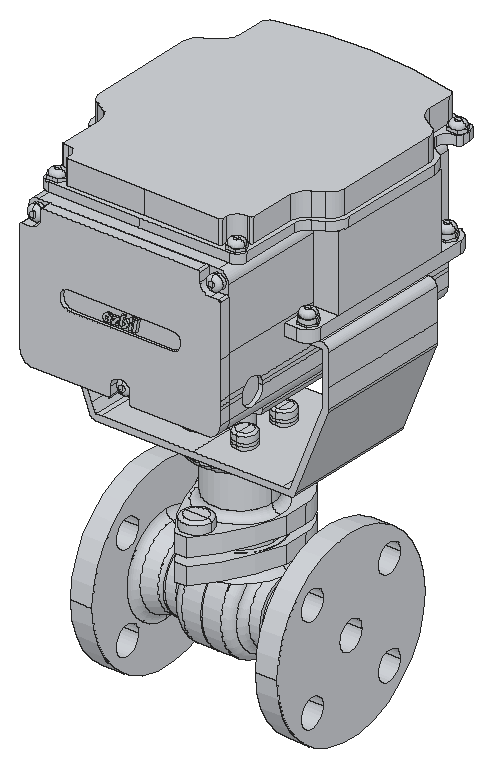
Revit family "電動二方弁_ver2021(ロゴあり)", category 電気設備, Revit 2021 (continued)
Automatic sketch dimensions
  Revolve 33 sketch curve to Revolve 33 sketch curve = 0.448 mm
  Revolve 33 sketch curve to Revolve 33 sketch curve = 0 mm  (x3)
  Revolve 34 sketch curve to plane 1 "中心(正面/背面)" = 6.975 mm
  Revolve 34 sketch curve to Revolve 34 sketch curve = 5.525 mm
  level to Revolve 34 sketch curve = 125.7 mm
  Revolve 34 sketch curve to Revolve 34 sketch curve = 1.6 mm
  Revolve 34 sketch curve to Revolve 34 sketch curve = 3.2 mm
  Revolve 34 sketch curve to Revolve 34 sketch curve = 0 mm  (x3)
  Revolve 35 sketch curve to plane 3 "中心(左/右)" = 0 mm  (x2)
  Revolve 35 sketch curve to plane 3 "中心(左/右)" = 4.75 mm
  level to Revolve 35 sketch curve = 137.956 mm
  Revolve 35 sketch curve to Revolve 35 sketch curve = 1.544 mm
  Revolve 35 sketch curve to Revolve 35 sketch curve = 0 mm  (x2)
  Revolve 36 sketch curve to plane 3 "中心(左/右)" = 0 mm  (x2)
  Revolve 36 sketch curve to Revolve 36 sketch curve = 10.268 mm
  Revolve 36 sketch curve to Revolve 36 sketch curve = 8.578 mm
  Revolve 36 sketch curve to Revolve 36 sketch curve = 1.153 mm
  Revolve 36 sketch curve to Revolve 36 sketch curve = 6.678 mm
  Revolve 36 sketch curve to Revolve 36 sketch curve = 2.476 mm
  level to Revolve 36 sketch curve = 65.495 mm
  Revolve 36 sketch curve to Revolve 36 sketch curve = 2.236 mm
  Revolve 36 sketch curve to Revolve 36 sketch curve = 3.62 mm
  Revolve 36 sketch curve to Revolve 36 sketch curve = 4.769 mm
  Revolve 36 sketch curve to Revolve 36 sketch curve = 3.897 mm
  Revolve 36 sketch curve to Revolve 36 sketch curve = 0 mm  (x2)
  Extrusion 37 sketch curve to plane 3 "中心(左/右)" = 47 mm
  Extrusion 37 sketch curve to Extrusion 37 sketch curve = 2.5 mm
  Extrusion 37 sketch curve to Extrusion 37 sketch curve = 3 mm
  Extrusion 37 sketch curve to Extrusion 37 sketch curve = 1.558 mm
  plane 3 "中心(左/右)" to Extrusion 37 sketch curve = 44 mm
  Extrusion 37 sketch curve to Extrusion 37 sketch curve = 0.5 mm
  Extrusion 37 sketch curve to Extrusion 37 sketch curve = 0.525 mm
  Extrusion 37 sketch curve to Extrusion 37 sketch curve = 2.475 mm
  level to Extrusion 37 sketch curve = 164.5 mm
  Extrusion 37 sketch curve to Extrusion 37 sketch curve = 1.5 mm
  Extrusion 37 sketch curve to Extrusion 37 sketch curve = 1.652 mm
  Extrusion 37 sketch curve to Extrusion 37 sketch curve = 1.962 mm
  Revolve 38 sketch curve to plane 3 "中心(左/右)" = 0 mm  (x2)
  Revolve 38 sketch curve to plane 3 "中心(左/右)" = 5.688 mm
  Revolve 38 sketch curve to Revolve 38 sketch curve = 1.896 mm
  level to Revolve 38 sketch curve = 90.3 mm
  Revolve 38 sketch curve to Revolve 38 sketch curve = 3.216 mm
  Revolve 38 sketch curve to Revolve 38 sketch curve = 1.117 mm
  Revolve 38 sketch curve to Revolve 38 sketch curve = 0 mm  (x2)
  Revolve 39 sketch curve to plane 3 "中心(左/右)" = 0 mm  (x2)
  Revolve 39 sketch curve to plane 3 "中心(左/右)" = 16.5 mm
  Revolve 39 sketch curve to Revolve 39 sketch curve = 2 mm  (x2)
  Revolve 39 sketch curve to Revolve 39 sketch curve = 4 mm  (x2)
  level to Revolve 39 sketch curve = 90.3 mm
  Revolve 39 sketch curve to Revolve 39 sketch curve = 19 mm
  Revolve 39 sketch curve to Revolve 39 sketch curve = 0 mm  (x4)
  Revolve 40 sketch curve to plane 3 "中心(左/右)" = 0 mm  (x2)
  Revolve 40 sketch curve to plane 3 "中心(左/右)" = 4 mm
  level to Revolve 40 sketch curve = 77 mm
  Revolve 40 sketch curve to Revolve 40 sketch curve = 4.3 mm
  Revolve 40 sketch curve to Revolve 40 sketch curve = 1.5 mm
  Revolve 40 sketch curve to Revolve 40 sketch curve = 0 mm
  plane 3 "中心(左/右)" to Extrusion 41 sketch curve = 51.5 mm
  Extrusion 41 sketch curve to Extrusion 41 sketch curve = 5.8 mm
  Extrusion 41 sketch curve to Extrusion 41 sketch curve = 6 mm
  Extrusion 41 sketch curve to Extrusion 41 sketch curve = 6.5 mm
  Extrusion 41 sketch curve to Extrusion 41 sketch curve = 0.5 mm
  Extrusion 41 sketch curve to Extrusion 41 sketch curve = 3.7 mm
  Extrusion 41 sketch curve to Extrusion 41 sketch curve = 7 mm
  plane 1 "中心(正面/背面)" to Extrusion 41 sketch curve = 36.395 mm
  Extrusion 41 sketch curve to plane 1 "中心(正面/背面)" = 60.605 mm
  Extrusion 41 sketch curve to Extrusion 41 sketch curve = 0.7 mm
  Extrusion 41 sketch curve to Extrusion 41 sketch curve = 7.785 mm
  Extrusion 41 sketch curve to Extrusion 41 sketch curve = 2.098 mm
  Extrusion 41 sketch curve to Extrusion 41 sketch curve = 0 mm
  Extrusion 41 sketch curve to Extrusion 41 sketch curve = 1.226 mm
  Extrusion 42 sketch curve to plane 3 "中心(左/右)" = 51.5 mm
  Extrusion 42 sketch curve to Extrusion 42 sketch curve = 5.8 mm
  Extrusion 42 sketch curve to Extrusion 42 sketch curve = 6 mm
  Extrusion 42 sketch curve to Extrusion 42 sketch curve = 6.5 mm
  Extrusion 42 sketch curve to Extrusion 42 sketch curve = 0.5 mm
  Extrusion 42 sketch curve to Extrusion 42 sketch curve = 3.7 mm
  Extrusion 42 sketch curve to Extrusion 42 sketch curve = 7 mm
  Extrusion 42 sketch curve to plane 1 "中心(正面/背面)" = 69.302 mm
  Extrusion 42 sketch curve to Extrusion 42 sketch curve = 0.212 mm
  Extrusion 42 sketch curve to Extrusion 42 sketch curve = 7.997 mm
  Extrusion 42 sketch curve to Extrusion 42 sketch curve = 0.7 mm
  plane 1 "中心(正面/背面)" to Extrusion 42 sketch curve = 29.395 mm
  Extrusion 42 sketch curve to Extrusion 42 sketch curve = 0 mm
  Extrusion 42 sketch curve to Extrusion 42 sketch curve = 1.226 mm
  Extrusion 43 sketch curve to plane 3 "中心(左/右)" = 64.592 mm
  Extrusion 43 sketch curve to Extrusion 43 sketch curve = 3.729 mm
  Extrusion 43 sketch curve to Extrusion 43 sketch curve = 1.085 mm  (x2)
  Extrusion 43 sketch curve to Extrusion 43 sketch curve = 2.797 mm  (x4)
  Extrusion 43 sketch curve to Extrusion 43 sketch curve = 7.85 mm
  Extrusion 43 sketch curve to Extrusion 43 sketch curve = 2.643 mm
  Extrusion 43 sketch curve to level = 130.361 mm
  Extrusion 43 sketch curve to Extrusion 43 sketch curve = 1.447 mm
  Extrusion 44 sketch curve to plane 3 "中心(左/右)" = 28.5 mm
  plane 3 "中心(左/右)" to Extrusion 44 sketch curve = 28.5 mm
  level to Extrusion 44 sketch curve = 161 mm
  Extrusion 44 sketch curve to Extrusion 44 sketch curve = 0.788 mm
  Revolve 45 sketch curve to plane 3 "中心(左/右)" = 60.5 mm
  Revolve 45 sketch curve to Revolve 45 sketch curve = 2.25 mm
  level to Revolve 45 sketch curve = 197.236 mm
  Revolve 45 sketch curve to Revolve 45 sketch curve = 2.264 mm
  Revolve 45 sketch curve to Revolve 45 sketch curve = 0 mm
  Revolve 45 sketch curve to Revolve 45 sketch curve = 0.936 mm
  Revolve 45 sketch curve to Revolve 45 sketch curve = 1.8 mm
  Revolve 46 sketch curve to plane 3 "中心(左/右)" = 60.5 mm
  Revolve 46 sketch curve to Revolve 46 sketch curve = 2.25 mm
  level to Revolve 46 sketch curve = 197.236 mm
  Revolve 46 sketch curve to Revolve 46 sketch curve = 2.264 mm
  Revolve 46 sketch curve to Revolve 46 sketch curve = 0 mm
  Revolve 46 sketch curve to Revolve 46 sketch curve = 0.936 mm
  Revolve 46 sketch curve to Revolve 46 sketch curve = 1.8 mm
  plane 3 "中心(左/右)" to Revolve 47 sketch curve = 56.375 mm
  Revolve 47 sketch curve to Revolve 47 sketch curve = 2.25 mm
  level to Revolve 47 sketch curve = 197.236 mm
  Revolve 47 sketch curve to Revolve 47 sketch curve = 2.264 mm
  Revolve 47 sketch curve to Revolve 47 sketch curve = 0 mm
  Revolve 47 sketch curve to Revolve 47 sketch curve = 0.936 mm
  Revolve 47 sketch curve to Revolve 47 sketch curve = 1.8 mm
  plane 3 "中心(左/右)" to Revolve 48 sketch curve = 56.375 mm
  Revolve 48 sketch curve to Revolve 48 sketch curve = 2.25 mm
  level to Revolve 48 sketch curve = 197.236 mm
  Revolve 48 sketch curve to Revolve 48 sketch curve = 2.264 mm
  Revolve 48 sketch curve to Revolve 48 sketch curve = 0 mm
  Revolve 48 sketch curve to Revolve 48 sketch curve = 0.936 mm
  Revolve 48 sketch curve to Revolve 48 sketch curve = 1.8 mm
  Extrusion 49 sketch curve to plane 1 "中心(正面/背面)" = 25.952 mm
  Extrusion 49 sketch curve to plane 3 "中心(左/右)" = 74.125 mm
  Extrusion 49 sketch curve to plane 1 "中心(正面/背面)" = 13.532 mm  (x2)
  Extrusion 49 sketch curve to plane 3 "中心(左/右)" = 23 mm
  Extrusion 49 sketch curve to plane 3 "中心(左/右)" = 6.954 mm
  Extrusion 49 sketch curve to plane 3 "中心(左/右)" = 3.046 mm
  Extrusion 49 sketch curve to plane 3 "中心(左/右)" = 1.923 mm
  plane 3 "中心(左/右)" to Extrusion 49 sketch curve = 1.923 mm
  plane 3 "中心(左/右)" to Extrusion 49 sketch curve = 3.046 mm
  plane 3 "中心(左/右)" to Extrusion 49 sketch curve = 6.954 mm
  Extrusion 49 sketch curve to Extrusion 49 sketch curve = 51.125 mm
  Extrusion 49 sketch curve to plane 1 "中心(正面/背面)" = 1.214 mm  (x2)
  Revolve 50 sketch curve to plane 3 "中心(左/右)" = 0 mm  (x2)
  Revolve 50 sketch curve to plane 3 "中心(左/右)" = 23 mm
  Revolve 50 sketch curve to Revolve 50 sketch curve = 2 mm  (x2)
  level to Revolve 50 sketch curve = 115.3 mm
  Revolve 50 sketch curve to Revolve 50 sketch curve = 5.2 mm
  Revolve 50 sketch curve to Revolve 50 sketch curve = 0.2 mm
  Extrusion 51 sketch curve to plane 1 "中心(正面/背面)" = 25.952 mm
  Extrusion 51 sketch curve to plane 3 "中心(左/右)" = 74.125 mm
  Extrusion 51 sketch curve to plane 1 "中心(正面/背面)" = 13.532 mm  (x2)
  Extrusion 51 sketch curve to plane 3 "中心(左/右)" = 23 mm
  Extrusion 51 sketch curve to plane 3 "中心(左/右)" = 6.954 mm
  Extrusion 51 sketch curve to plane 3 "中心(左/右)" = 3.046 mm
  Extrusion 51 sketch curve to plane 3 "中心(左/右)" = 1.923 mm
  plane 3 "中心(左/右)" to Extrusion 51 sketch curve = 1.923 mm
  plane 3 "中心(左/右)" to Extrusion 51 sketch curve = 3.046 mm
  plane 3 "中心(左/右)" to Extrusion 51 sketch curve = 6.954 mm
  Extrusion 51 sketch curve to Extrusion 51 sketch curve = 51.125 mm
  Extrusion 51 sketch curve to plane 1 "中心(正面/背面)" = 1.214 mm  (x2)
  Revolve 52 sketch curve to plane 3 "中心(左/右)" = 0 mm  (x2)
  Revolve 52 sketch curve to plane 3 "中心(左/右)" = 17.5 mm
  level to Revolve 52 sketch curve = 77 mm
  Revolve 52 sketch curve to Revolve 52 sketch curve = 4.3 mm
  Revolve 52 sketch curve to Revolve 52 sketch curve = 0 mm  (x2)
  Extrusion 53 sketch curve to plane 1 "中心(正面/背面)" = 24.749 mm
  level to Extrusion 53 sketch curve = 72.249 mm
  Extrusion 54 sketch curve to plane 1 "中心(正面/背面)" = 24.749 mm
  level to Extrusion 54 sketch curve = 22.751 mm
  plane 1 "中心(正面/背面)" to Extrusion 55 sketch curve = 24.749 mm
  level to Extrusion 55 sketch curve = 22.751 mm
  plane 1 "中心(正面/背面)" to Extrusion 56 sketch curve = 24.749 mm
  level to Extrusion 56 sketch curve = 22.751 mm
  Extrusion 57 sketch curve to plane 1 "中心(正面/背面)" = 0 mm
  level to Extrusion 57 sketch curve = 47.5 mm
  plane 1 "中心(正面/背面)" to Revolve 58 sketch curve = 75.7 mm
  Revolve 58 sketch curve to Revolve 58 sketch curve = 2 mm
  Revolve 58 sketch curve to Revolve 58 sketch curve = 0.6 mm
  level to Revolve 58 sketch curve = 238.5 mm
  Revolve 58 sketch curve to Revolve 58 sketch curve = 1.75 mm
  Revolve 58 sketch curve to Revolve 58 sketch curve = 0 mm  (x3)
  plane 1 "中心(正面/背面)" to Revolve 59 sketch curve = 73.1 mm
  Revolve 59 sketch curve to Revolve 59 sketch curve = 1.6 mm
  level to Revolve 59 sketch curve = 238.5 mm
  Revolve 59 sketch curve to Revolve 59 sketch curve = 3.75 mm
  Revolve 59 sketch curve to Revolve 59 sketch curve = 0 mm  (x3)
  plane 1 "中心(正面/背面)" to Revolve 60 sketch curve = 75.7 mm
  Revolve 60 sketch curve to Revolve 60 sketch curve = 2 mm
  Revolve 60 sketch curve to Revolve 60 sketch curve = 0.6 mm
  level to Revolve 60 sketch curve = 238.5 mm
  Revolve 60 sketch curve to Revolve 60 sketch curve = 1.75 mm
  Revolve 60 sketch curve to Revolve 60 sketch curve = 0 mm  (x3)
  plane 1 "中心(正面/背面)" to Revolve 61 sketch curve = 73.1 mm
  Revolve 61 sketch curve to Revolve 61 sketch curve = 1.6 mm
  level to Revolve 61 sketch curve = 238.5 mm
  Revolve 61 sketch curve to Revolve 61 sketch curve = 3.75 mm
  Revolve 61 sketch curve to Revolve 61 sketch curve = 0 mm  (x3)
  plane 1 "中心(正面/背面)" to Revolve 62 sketch curve = 75.7 mm
  Revolve 62 sketch curve to Revolve 62 sketch curve = 2 mm
  Revolve 62 sketch curve to Revolve 62 sketch curve = 0.6 mm
  level to Revolve 62 sketch curve = 174.5 mm
  Revolve 62 sketch curve to Revolve 62 sketch curve = 1.75 mm
  Revolve 62 sketch curve to Revolve 62 sketch curve = 0 mm  (x3)
  plane 1 "中心(正面/背面)" to Revolve 63 sketch curve = 73.1 mm
  Revolve 63 sketch curve to Revolve 63 sketch curve = 1.6 mm
  level to Revolve 63 sketch curve = 174.5 mm
  Revolve 63 sketch curve to Revolve 63 sketch curve = 3.75 mm
  Revolve 63 sketch curve to Revolve 63 sketch curve = 0 mm  (x3)
  Extrusion 64 sketch curve to plane 3 "中心(左/右)" = 65 mm
  Extrusion 64 sketch curve to Extrusion 64 sketch curve = 13.382 mm
  Extrusion 64 sketch curve to Extrusion 64 sketch curve = 5.3 mm  (x2)
  level to Extrusion 64 sketch curve = 205.5 mm
  Extrusion 64 sketch curve to Extrusion 64 sketch curve = 33.2 mm
  Extrusion 64 sketch curve to Extrusion 64 sketch curve = 0 mm
  Extrusion 65 sketch curve to plane 3 "中心(左/右)" = 65 mm
  Extrusion 65 sketch curve to Extrusion 65 sketch curve = 13.382 mm
  Extrusion 65 sketch curve to Extrusion 65 sketch curve = 5.3 mm  (x2)
  Extrusion 65 sketch curve to level = 205.5 mm
  Extrusion 65 sketch curve to Extrusion 65 sketch curve = 33.2 mm
  Extrusion 65 sketch curve to Extrusion 65 sketch curve = 0 mm
  Extrusion 66 sketch curve to plane 3 "中心(左/右)" = 7.352 mm
  Extrusion 66 sketch curve to Extrusion 66 sketch curve = 0.489 mm
  Extrusion 66 sketch curve to Extrusion 66 sketch curve = 0.491 mm
  Extrusion 66 sketch curve to Extrusion 66 sketch curve = 0.142 mm
  Extrusion 66 sketch curve to Extrusion 66 sketch curve = 0.117 mm
  Extrusion 66 sketch curve to Extrusion 66 sketch curve = 0.229 mm
  Extrusion 66 sketch curve to Extrusion 66 sketch curve = 1.394 mm
  Extrusion 66 sketch curve to Extrusion 66 sketch curve = 0.569 mm
  Extrusion 66 sketch curve to Extrusion 66 sketch curve = 0.155 mm
  Extrusion 66 sketch curve to Extrusion 66 sketch curve = 0.378 mm
  Extrusion 66 sketch curve to Extrusion 66 sketch curve = 0.2 mm
  Extrusion 66 sketch curve to Extrusion 66 sketch curve = 1.855 mm
  Extrusion 66 sketch curve to Extrusion 66 sketch curve = 1.579 mm
  Extrusion 66 sketch curve to plane 3 "中心(左/右)" = 0.981 mm
  Extrusion 66 sketch curve to plane 3 "中心(左/右)" = 0.781 mm
  Extrusion 66 sketch curve to plane 3 "中心(左/右)" = 0.508 mm
  Extrusion 66 sketch curve to plane 3 "中心(左/右)" = 0.342 mm
  Extrusion 66 sketch curve to plane 3 "中心(左/右)" = 0.164 mm
  plane 3 "中心(左/右)" to Extrusion 66 sketch curve = 0.657 mm
  plane 3 "中心(左/右)" to Extrusion 66 sketch curve = 1.092 mm
  Extrusion 66 sketch curve to Extrusion 66 sketch curve = 0.289 mm
  Extrusion 66 sketch curve to Extrusion 66 sketch curve = 0.328 mm
  Extrusion 66 sketch curve to Extrusion 66 sketch curve = 0.178 mm
  Extrusion 66 sketch curve to Extrusion 66 sketch curve = 1.372 mm  (x3)
  Extrusion 66 sketch curve to Extrusion 66 sketch curve = 0.631 mm
  Extrusion 66 sketch curve to Extrusion 66 sketch curve = 1.319 mm
  Extrusion 66 sketch curve to Extrusion 66 sketch curve = 1.671 mm
  Extrusion 66 sketch curve to Extrusion 66 sketch curve = 2.215 mm
  Extrusion 66 sketch curve to Extrusion 66 sketch curve = 0.082 mm
  Extrusion 66 sketch curve to Extrusion 66 sketch curve = 1.435 mm
  Extrusion 66 sketch curve to Extrusion 66 sketch curve = 0.804 mm
  Extrusion 66 sketch curve to Extrusion 66 sketch curve = 2.601 mm
  Extrusion 66 sketch curve to Extrusion 66 sketch curve = 1.371 mm
  Extrusion 66 sketch curve to Extrusion 66 sketch curve = 1.566 mm
  level to Extrusion 66 sketch curve = 202.767 mm
  Extrusion 66 sketch curve to Extrusion 66 sketch curve = 0.735 mm
  Extrusion 66 sketch curve to Extrusion 66 sketch curve = 0.019 mm
  Extrusion 66 sketch curve to Extrusion 66 sketch curve = 0.754 mm  (x2)
  Extrusion 66 sketch curve to Extrusion 66 sketch curve = 0 mm  (x2)
  Extrusion 66 sketch curve to Extrusion 66 sketch curve = 0.88 mm
  Extrusion 66 sketch curve to Extrusion 66 sketch curve = 1.02 mm
  Extrusion 66 sketch curve to Extrusion 66 sketch curve = 1.135 mm
  Extrusion 66 sketch curve to Extrusion 66 sketch curve = 0.115 mm
  Extrusion 66 sketch curve to Extrusion 66 sketch curve = 0.255 mm
  Extrusion 66 sketch curve to Extrusion 66 sketch curve = 0.417 mm
  Extrusion 66 sketch curve to Extrusion 66 sketch curve = 0.589 mm
  Extrusion 66 sketch curve to Extrusion 66 sketch curve = 0.605 mm
  Extrusion 66 sketch curve to Extrusion 66 sketch curve = 1.352 mm
  Extrusion 66 sketch curve to Extrusion 66 sketch curve = 0.664 mm
  Extrusion 66 sketch curve to Extrusion 66 sketch curve = 0.822 mm
  Extrusion 66 sketch curve to Extrusion 66 sketch curve = 1.703 mm
  Extrusion 66 sketch curve to Extrusion 66 sketch curve = 0.199 mm
  Extrusion 66 sketch curve to Extrusion 66 sketch curve = 0.423 mm
  Extrusion 66 sketch curve to Extrusion 66 sketch curve = 1.398 mm
  Extrusion 66 sketch curve to Extrusion 66 sketch curve = 0.361 mm
  Extrusion 66 sketch curve to Extrusion 66 sketch curve = 1.151 mm
  Extrusion 66 sketch curve to Extrusion 66 sketch curve = 0.851 mm
  Extrusion 66 sketch curve to Extrusion 66 sketch curve = 2.516 mm
  Extrusion 66 sketch curve to Extrusion 66 sketch curve = 1.991 mm
  Extrusion 66 sketch curve to Extrusion 66 sketch curve = 1.645 mm
  Extrusion 66 sketch curve to Extrusion 66 sketch curve = 0.338 mm
  plane 3 "中心(左/右)" to Extrusion 66 sketch curve = 0.171 mm
  Extrusion 66 sketch curve to Extrusion 66 sketch curve = 0.13 mm
  Extrusion 66 sketch curve to Extrusion 66 sketch curve = 0.662 mm
  Extrusion 66 sketch curve to Extrusion 66 sketch curve = 1.164 mm
  Extrusion 67 sketch curve to plane 3 "中心(左/右)" = 7.567 mm
  plane 3 "中心(左/右)" to Extrusion 67 sketch curve = 1.228 mm
  level to Extrusion 67 sketch curve = 204.646 mm
  Extrusion 67 sketch curve to Extrusion 67 sketch curve = 0.831 mm  (x2)
  Extrusion 67 sketch curve to Extrusion 67 sketch curve = 0.039 mm
  Extrusion 68 sketch curve to plane 3 "中心(左/右)" = 25.841 mm
  plane 3 "中心(左/右)" to Extrusion 68 sketch curve = 26.159 mm
  level to Extrusion 68 sketch curve = 201.5 mm
  Extrusion 68 sketch curve to Extrusion 68 sketch curve = 5 mm
  Revolve 69 sketch curve to plane 3 "中心(左/右)" = 61.28 mm
  Revolve 69 sketch curve to Revolve 69 sketch curve = 1.501 mm
  Revolve 69 sketch curve to Revolve 69 sketch curve = 1.75 mm
  level to Revolve 69 sketch curve = 208.5 mm
  Revolve 69 sketch curve to Revolve 69 sketch curve = 1.322 mm
  Revolve 69 sketch curve to Revolve 69 sketch curve = 0 mm  (x2)
  Revolve 69 sketch curve to Revolve 69 sketch curve = 0.722 mm
  Extrusion 70 sketch curve to plane 3 "中心(左/右)" = 58 mm
  Extrusion 70 sketch curve to plane 1 "中心(正面/背面)" = 59.98 mm
  Extrusion 71 sketch curve to plane 3 "中心(左/右)" = 62.907 mm
  Extrusion 71 sketch curve to Extrusion 71 sketch curve = 2.454 mm  (x5)
  Extrusion 71 sketch curve to Extrusion 71 sketch curve = 4.907 mm
  Extrusion 71 sketch curve to plane 1 "中心(正面/背面)" = 55.73 mm
  Extrusion 71 sketch curve to Extrusion 71 sketch curve = 4.25 mm  (x3)
  Revolve 72 sketch curve to plane 3 "中心(左/右)" = 61.28 mm
  Revolve 72 sketch curve to Revolve 72 sketch curve = 1.501 mm
  Revolve 72 sketch curve to Revolve 72 sketch curve = 1.75 mm
  level to Revolve 72 sketch curve = 208.5 mm
  Revolve 72 sketch curve to Revolve 72 sketch curve = 1.322 mm
  Revolve 72 sketch curve to Revolve 72 sketch curve = 0 mm  (x2)
  Revolve 72 sketch curve to Revolve 72 sketch curve = 0.722 mm
  plane 3 "中心(左/右)" to Extrusion 73 sketch curve = 58.5 mm
  plane 1 "中心(正面/背面)" to Extrusion 73 sketch curve = 29.395 mm
  plane 3 "中心(左/右)" to Extrusion 74 sketch curve = 53.593 mm
  plane 1 "中心(正面/背面)" to Extrusion 74 sketch curve = 25.145 mm
  Extrusion 74 sketch curve to Extrusion 74 sketch curve = 2.454 mm  (x5)
  Extrusion 74 sketch curve to Extrusion 74 sketch curve = 4.907 mm
  plane 1 "中心(正面/背面)" to Extrusion 74 sketch curve = 29.395 mm
  Extrusion 74 sketch curve to Extrusion 74 sketch curve = 4.25 mm  (x2)
  plane 3 "中心(左/右)" to Revolve 75 sketch curve = 55.22 mm
  Revolve 75 sketch curve to Revolve 75 sketch curve = 1.501 mm
  Revolve 75 sketch curve to Revolve 75 sketch curve = 1.75 mm
  level to Revolve 75 sketch curve = 208.5 mm
  Revolve 75 sketch curve to Revolve 75 sketch curve = 1.322 mm
  Revolve 75 sketch curve to Revolve 75 sketch curve = 0 mm  (x2)
  Revolve 75 sketch curve to Revolve 75 sketch curve = 0.722 mm
  plane 3 "中心(左/右)" to Extrusion 76 sketch curve = 58.5 mm
  Extrusion 76 sketch curve to plane 1 "中心(正面/背面)" = 59.98 mm
  plane 3 "中心(左/右)" to Extrusion 77 sketch curve = 53.593 mm
  Extrusion 77 sketch curve to Extrusion 77 sketch curve = 2.454 mm  (x5)
  Extrusion 77 sketch curve to Extrusion 77 sketch curve = 4.907 mm
  Extrusion 77 sketch curve to plane 1 "中心(正面/背面)" = 55.73 mm
  Extrusion 77 sketch curve to Extrusion 77 sketch curve = 4.25 mm  (x3)
  plane 3 "中心(左/右)" to Revolve 78 sketch curve = 55.22 mm
  Revolve 78 sketch curve to Revolve 78 sketch curve = 1.501 mm
  Revolve 78 sketch curve to Revolve 78 sketch curve = 1.75 mm
  level to Revolve 78 sketch curve = 208.5 mm
  Revolve 78 sketch curve to Revolve 78 sketch curve = 1.322 mm
  Revolve 78 sketch curve to Revolve 78 sketch curve = 0 mm  (x2)
  Revolve 78 sketch curve to Revolve 78 sketch curve = 0.722 mm
  plane 3 "中心(左/右)" to Revolve 79 sketch curve = 50.936 mm
  Revolve 79 sketch curve to Revolve 79 sketch curve = 1.908 mm
  Revolve 79 sketch curve to Revolve 79 sketch curve = 1.75 mm
  level to Revolve 79 sketch curve = 250.1 mm
  Revolve 79 sketch curve to Revolve 79 sketch curve = 0.6 mm
  Revolve 79 sketch curve to Revolve 79 sketch curve = 0 mm  (x3)
  Revolve 80 sketch curve to plane 3 "中心(左/右)" = 57.314 mm
  Revolve 80 sketch curve to Revolve 80 sketch curve = 1.908 mm
  Revolve 80 sketch curve to Revolve 80 sketch curve = 1.75 mm
  level to Revolve 80 sketch curve = 250.1 mm
  Revolve 80 sketch curve to Revolve 80 sketch curve = 0.6 mm
  Revolve 80 sketch curve to Revolve 80 sketch curve = 0 mm  (x3)
  plane 3 "中心(左/右)" to Extrusion 81 sketch curve = 49.531 mm
  Extrusion 81 sketch curve to Extrusion 81 sketch curve = 2.133 mm  (x2)
  Extrusion 81 sketch curve to Extrusion 81 sketch curve = 2.177 mm
  Extrusion 81 sketch curve to Extrusion 81 sketch curve = 2.731 mm  (x2)
  Extrusion 81 sketch curve to Extrusion 81 sketch curve = 5.55 mm
  Extrusion 81 sketch curve to plane 1 "中心(正面/背面)" = 68.153 mm
  Extrusion 81 sketch curve to Extrusion 81 sketch curve = 3.694 mm  (x2)
  Extrusion 81 sketch curve to Extrusion 81 sketch curve = 3.771 mm
  Extrusion 82 sketch curve to plane 3 "中心(左/右)" = 58.719 mm
  Extrusion 82 sketch curve to Extrusion 82 sketch curve = 2.133 mm  (x2)
  Extrusion 82 sketch curve to Extrusion 82 sketch curve = 2.177 mm
  Extrusion 82 sketch curve to Extrusion 82 sketch curve = 2.731 mm  (x2)
  Extrusion 82 sketch curve to Extrusion 82 sketch curve = 5.55 mm
  Extrusion 82 sketch curve to plane 1 "中心(正面/背面)" = 68.153 mm
  Extrusion 82 sketch curve to Extrusion 82 sketch curve = 3.694 mm  (x2)
  Extrusion 82 sketch curve to Extrusion 82 sketch curve = 3.771 mm
  Extrusion 1 sketch curve to plane 1 "中心(正面/背面)" = 0 mm
  level to Extrusion 1 sketch curve = 47.437 mm
  Extrusion 7 sketch curve to plane 1 "中心(正面/背面)" = 0 mm
  level to Extrusion 7 sketch curve = 47.437 mm
  plane 1 "中心(正面/背面)" to Extrusion 83 sketch curve = 56.39 mm
  level to Extrusion 83 sketch curve = 182.782 mm
  plane 1 "中心(正面/背面)" to Extrusion 84 sketch curve = 56.39 mm
  level to Extrusion 84 sketch curve = 182.782 mm
  radius of Extrusion 2 sketch curve = 7.5 mm
  radius of Extrusion 3 sketch curve = 7.5 mm
  radius of Extrusion 4 sketch curve = 7.5 mm
  radius of Extrusion 5 sketch curve = 7.5 mm
  radius of Extrusion 6 sketch curve = 7.5 mm
  radius of Extrusion 8 sketch curve = 7.5 mm
  radius of Extrusion 12 sketch curve = 4.25 mm
  radius of Extrusion 53 sketch curve = 7.5 mm
  radius of Extrusion 54 sketch curve = 7.5 mm
  radius of Extrusion 55 sketch curve = 7.5 mm
  radius of Extrusion 56 sketch curve = 7.5 mm
  radius of Extrusion 57 sketch curve = 7.5 mm
  radius of Extrusion 70 sketch curve = 4.25 mm
  radius of Extrusion 73 sketch curve = 4.25 mm
  radius of Extrusion 76 sketch curve = 4.25 mm
Connectors
  piping at (56.882, 0, 47.437), diameter 95, driven by "配管φ"
    settings: on cut or joined group of Extrusion 1, Extrusion 2, Extrusion 3, Extrusion 4, Extrusion 5, Extrusion 6, Extrusion 8, Extrusion 55, index 1, connector inside diameter 609.6 mm, connector length 0 mm, flow factor 0, pipe flow 0.0 L/s, pressure drop 0.0 Pa, fitting loss kfactor 0, connector angle 0.00°, fixture units 0, engagement length 0 mm, angle of deflection 0.00°, flow configuration 0, flow direction 0, fitting loss method 0, system type 19, joint type 0, gender type 0, connector reference index -1, connector utility 0, adjustable connector no, is connector primary yes, connector description ""
  piping at (-49.118, 0, 47.437), diameter 95, driven by "配管2φ"
    settings: on cut or joined group of Extrusion 7, Extrusion 8, Extrusion 53, Extrusion 54, Extrusion 56, Extrusion 57, index 2, connector inside diameter 609.6 mm, connector length 0 mm, flow factor 0, pipe flow 0.0 L/s, pressure drop 0.0 Pa, fitting loss kfactor 0, connector angle 0.00°, fixture units 0, engagement length 0 mm, angle of deflection 0.00°, flow configuration 0, flow direction 0, fitting loss method 0, system type 19, joint type 0, gender type 0, connector reference index -1, connector utility 0, adjustable connector no, is connector primary no, connector description ""
  cabletrayconduit at (-48.8, -56.39, 182.782), diameter 14.031, driven by "配線φ(左側)"
    settings: on cut or joined group of Extrusion 22, Extrusion 83, Extrusion 84, index 3, connector width 300 mm, connector height 300 mm, connector angle 0.00°, system type 32, placement type 0, profile type 0, connector reference index -1, is primary connector yes, connector utility param no, connector description ""
  cabletrayconduit at (-48.8, -56.39, 182.782), diameter 14.031, driven by "配線φ(左側)"
    settings: on cut or joined group of Extrusion 22, Extrusion 83, Extrusion 84, index 4, connector width 300 mm, connector height 300 mm, connector angle 0.00°, system type 32, placement type 0, profile type 0, connector reference index -1, is primary connector no, connector utility param no, connector description ""
  cabletrayconduit at (48.8, -56.39, 182.782), diameter 14.031, driven by "配線φ(右側)"
    settings: on cut or joined group of Extrusion 22, Extrusion 83, Extrusion 84, index 5, connector width 300 mm, connector height 300 mm, connector angle 0.00°, system type 32, placement type 0, profile type 0, connector reference index -1, is primary connector no, connector utility param no, connector description ""
